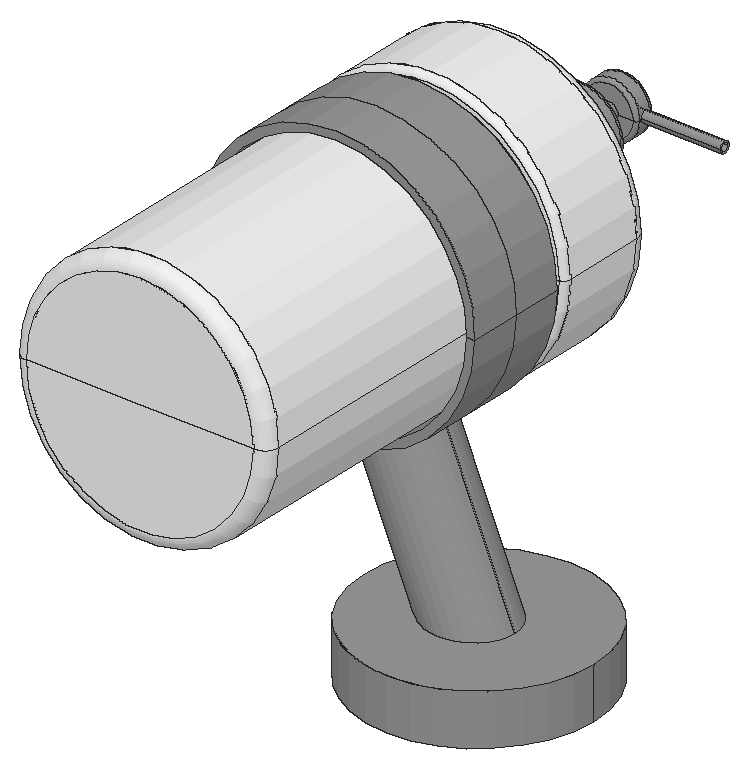
Revit family "ABEND Dispensador de jabón  BC2026300", category Generic Models, host Face, Revit 2014
Parameters
  MODELO = "ABEND"
  MARCA = "WASSER"
  EMPRESA = "CHC COMERCIAL HISPANO CHILENA"
  Default Elevation = 1219.2 mm
  DIMENSIONES = ""
  CÓDIGO = "BC2026300"
  ACCESORIO = "DISPENSADOR DE JABÓN"
Reference planes
  plane 1 "Center (Front/Back)": y = 0
  plane 2: z = 0
  plane 3 "Center (Left/Right)": x = 0
  plane 4: y = -88
  plane 5: y = 32
  plane 6: x = 22.577
  plane 7: y = 139
  plane 8: y = -8
  plane 9: z = 150
  plane 10: z = 35
  plane 11: x = -19.923
  plane 12: y = 237
  plane 13: z = 40
  plane 14: x = -19.923
  plane 15: x = -44.923
  plane 16: x = 5.077
  plane 17: y = -58
Forms (mm)
  Extrusion 1, solid, material "Steel, Polished"
    sketch origin (0, 0, 0) x (1, 0, 0) y (0, 1, 0)
      loop
        circle (0, 0) r 22.5
    from 0 to 10
  Sweep 2, solid, material "Steel, Polished"
    path origin (0, 0, 0) x (1, 0, 0) y (0, 0, 1)
      loop
        line (0, 5.84) -> (-14.5, 40)
    profile origin (-7.25, 0, 22.92) x (-0.920505, 0, -0.390731) y (0, -1, 0)
      loop
        circle (0, 0) r 8
  Revolve 3, solid, material "Steel, Polished"
    sketch origin (-37.488, 0, 65.843) x (1, 0, 0) y (0, 1, 0)
      loop
        line (-7.989, 10) -> (-9.617, 10) -> (-9.617, 0) -> (-9.617, -10) -> (-7.989, -10) -> (-7.989, 10)
      axis (17.565, 10) -> (17.565, -10)
    angle from 0 to 360
  Revolve 4, solid, material "Porcelain, Linen"
    sketch origin (0, 0, 66.12) x (1, 0, 0) y (0, 1, 0)
      loop
        arc (-44.923, -55.197) -> (-44.102, -57.179) -> (-42.12, -58) r 2.803
        line (-42.12, -58) -> (-19.923, -58) -> (-19.923, 10) -> (-19.923, 34.362) -> (-44.773, 32.188)
        arc (-44.773, 32.188) -> (-46.305, 31.433) -> (-46.924, 29.841) r 2.356
        line (-46.924, 29.841) -> (-46.924, 13.521)
        arc (-46.924, 13.521) -> (-46.592, 12.615) -> (-45.753, 12.138) r 1.402
        line (-45.753, 12.138) -> (-44.923, 12) -> (-44.923, -55.197)
      axis (-19.923, 34.362) -> (-19.923, -58)
    angle from 0 to 360
  Revolve 5, solid, material "Steel, Polished"
    sketch origin (0, -1.185, 67.222) x (1, 0, 0) y (0, 1, 0)
      loop
        line (-19.923, 34.257) -> (-19.923, 62.375)
        arc (-19.923, 62.375) -> (-22.457, 62.238) -> (-24.938, 61.705) r 16.15
        arc (-24.938, 61.705) -> (-25.301, 61.451) -> (-25.44, 61.031) r 0.703
        line (-25.44, 61.031) -> (-25.44, 58.558)
        arc (-25.44, 58.558) -> (-25.235, 58.063) -> (-24.74, 57.858) r 0.7
        line (-24.74, 57.858) -> (-21.674, 57.858) -> (-21.674, 51.476) -> (-27.28, 51.476)
        arc (-27.28, 51.476) -> (-27.987, 51.183) -> (-28.28, 50.476) r 1
        line (-28.28, 50.476) -> (-28.28, 35.257)
        arc (-28.28, 35.257) -> (-27.987, 34.55) -> (-27.28, 34.257) r 1
        line (-27.28, 34.257) -> (-19.923, 34.257)
      axis (-19.923, 62.375) -> (-19.923, 34.257)
    angle from 0 to 360
  Extrusion 6, solid, material "Steel, Polished"
    sketch origin (0, 3.142, 0) x (0, 1, 0) y (0, 0, 1)
      loop
        circle (55.568, 67.419) r 1.023
      loop
        circle (55.568, 67.419) r 0.856
    from -19.334 to 1.117
Dimensions and locks
  aligned and locked: plane 2 to host face
  aligned and locked: level to host face
